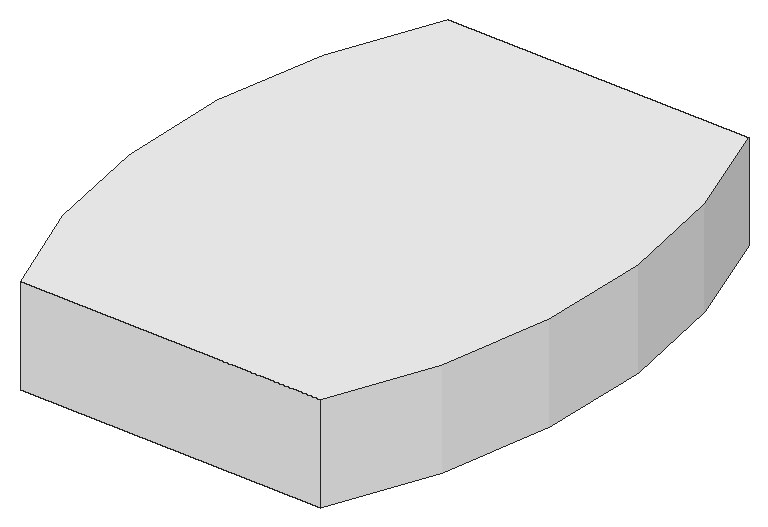
Revit family "Valvula de Check", category Pipe Accessories, Revit 2020
Family settings
  Round Connector Dimension = Use Diameter
  Part Type = Breaks Into
  Work Plane-Based = No
  Always vertical = Yes
  Cut with Voids When Loaded = No
  Shared = No
Parameters (values of type "Diametro 1/2"")
  d2 = d1 - 0.8 mm  # 27.7 mm
  d1 = 28.5 mm
  URL = "https://pcpplasticos.co/tienda/check-anti-retorno-de-12-inserto-metalico/"
  SKU = "3380"
  Model = SKU  # "3380"
  Manufacturer = "PCP PLASTICOS"
  Imagen = "https://pcpplasticos.co/wp-content/uploads/2018/01/CHECK-MEDIA-F.Final-Color-Output-e1531850568851.png"
  Email = "servicioalcliente@PCPplasticos.com"
  Description = "CHECK ANTIFRAUDE DZR PCP"
  Default Elevation = 0 mm
  D = 12.7 mm
  3/4" = no
  1/2" = yes
Types (3, lengths in mm): name | d2 | d1 | SKU | Model | D | 3/4" | 1/2"
  (no name) | 27.7 | 28.5 | "3380" | "3380" | 12.7 | no | yes
  Diametro 1/2" | 27.7 | 28.5 | "3380" | "3380" | 12.7 | no | yes
  Diametro 3/4" | 35.2 | 36 | "3381" | "3381" | 19.1 | yes | no
Reference planes
  plane 1 "Center (Front/Back)": y = 0
  plane 2: z = 0
  plane 3 "Center (Left/Right)": x = 0
Forms (mm)
  Extrusion 1, solid, material "255_255_255", visible <- "1/2""
    sketch origin (0, 0, 0) x (1, 0, 0) y (0, 1, 0)
      loop
        line (7.5, 8.602) -> (-2.2, 8.602)
        arc (-2.2, 8.602) -> (-4.226, 0) -> (-2.2, -8.602) r 19.273
        line (-2.2, -8.602) -> (7.5, -8.602)
        arc (7.5, -8.602) -> (9.5, 0) -> (7.5, 8.602) r 19.5
    from 14.387 to 17.5
  Extrusion 2, void
    sketch origin (0, 0, 0) x (0, 1, 0) y (0, 0, 1)
      loop
        circle (0, 0) r 2.646
    from 27.7 <- "d2" to 28.5 <- "d1"
  Extrusion 3, void
    sketch origin (0, 0, 0) x (0, 1, 0) y (0, 0, -1)
      loop
        circle (0, 0) r 2.646
    from 27.7 <- "d2" to 28.5 <- "d1"
  Extrusion 4, solid, material "255_255_255", visible <- "3/4""
    sketch origin (0, 0, 0) x (1, 0, 0) y (0, 1, 0)
      loop
        line (10.5, 10.782) -> (-2, 10.782)
        arc (-2, 10.782) -> (-4.529, 0) -> (-2, -10.782) r 24.25
        line (-2, -10.782) -> (10.5, -10.782)
        arc (10.5, -10.782) -> (13.028, 0) -> (10.5, 10.782) r 24.253
    from 18.609 to 22
Dimensions and locks
  plane 3 "Center (Left/Right)" to import instance = 35.5 mm
  aligned and locked: level to plane 2
Connectors
  piping at (28.5, 0, 0), diameter 12.7, driven by "D"
    settings: on Extrusion 2, index 1, connector inside diameter 609.6 mm, connector length 0 mm, flow factor 0, pipe flow 0.0 L/s, pressure drop 0.0 Pa, fitting loss kfactor 0, connector angle 0.00°, fixture units 0, engagement length 0 mm, angle of deflection 0.00°, flow configuration 0, flow direction 0, fitting loss method 0, system type 7, joint type 0, gender type 0, connector reference index -1, connector utility 0, adjustable connector no, is connector primary yes, connector description ""
  piping at (-28.5, 0, 0), diameter 12.7, driven by "D"
    settings: on Extrusion 3, index 2, connector inside diameter 609.6 mm, connector length 0 mm, flow factor 0, pipe flow 0.0 L/s, pressure drop 0.0 Pa, fitting loss kfactor 0, connector angle 0.00°, fixture units 0, engagement length 0 mm, angle of deflection 0.00°, flow configuration 0, flow direction 0, fitting loss method 0, system type 7, joint type 0, gender type 0, connector reference index -1, connector utility 0, adjustable connector no, is connector primary no, connector description ""
